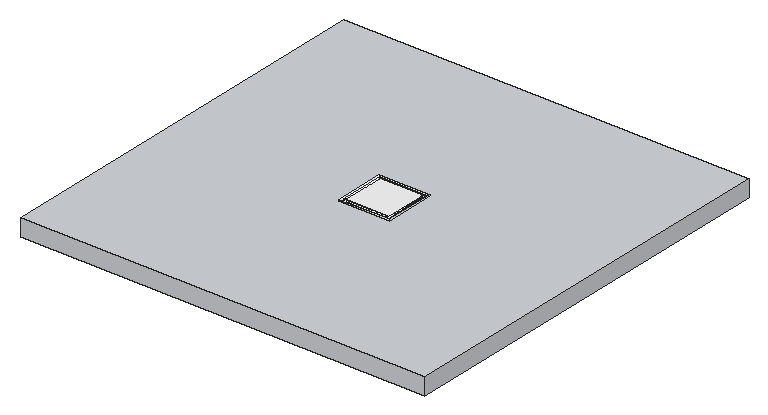
Revit family
Parameters (values of type "2"")
  WFU = 0
  URL = "WWW.MIFAB.COM"
  Pipe Radius = Pipe Diameter / 2  # 1.000"
  Pipe Diameter = 2.000"
  Model = "FS1742-FL"
  Manufacturer = "MIFAB"  # constant formula
  Grate Width = 12.000"
  Grate Length = 12.000"
  Floor Sink Material = Coated – Acid Resistant – Porcelain Enamel - White
  Flange Length = 14.400"
  Description = "12 x 12 x 10 DEEP FLOOR SINK WITH FLANGE"  # constant formula
  Default Elevation = 0.000"
  Body Height = 11.300"
Types (4): name | Pipe Radius | Pipe Diameter | Model
  (no name) | 1.000" | 2.000" | "FS1742-FL"
  3" | 1.500" | 3.000" | "FS1743-FL"
  2" | 1.000" | 2.000" | "FS1742-FL"
  4" | 2.000" | 4.000" | "FS1744-FL"
Reference planes
  plane 1 "Center (Front/Back)": y = 0
  plane 2: z = 0
  plane 3 "Center (Left/Right)": x = 0
  plane 4: z = -279.4
  plane 5: x = -113.898
  plane 6: x = -152.4
  plane 7: x = 152.4
  plane 8: z = 7.62
  plane 9: y = 152.4
  plane 10: y = -152.4
  plane 11: x = -79.369
  plane 12: x = 79.369
  plane 13: x = -135.89
  plane 14: x = 135.89
  plane 15: y = 135.89
  plane 16: y = -135.89
  plane 17: x = -25.4
  plane 18: x = 25.4
  plane 19: x = -182.88
  plane 20: x = 182.88
  plane 21: y = 182.88
  plane 22: y = -182.88
  plane 23: z = -43.18
  plane 24: z = -246.38
  plane 25: z = -254
  plane 26: z = -81.28
  plane 27: z = -176.53
  plane 28: z = -236.22
Forms (mm)
  Extrusion 1, solid
    sketch origin (0, 0, 0) x (1, 0, 0) y (0, 1, 0)
      loop
        line (-1219.2, 1219.2) -> (-1219.2, -1219.2) -> (1219.2, -1219.2) -> (1219.2, 1219.2) -> (-1219.2, 1219.2)
    from 0 to -101.6
  Extrusion 2, solid, material "Coated – Acid Resistant – Porcelain Enamel - White" <- "Floor Sink Material"
    sketch origin (0, 0, 0) x (1, 0, 0) y (0, 1, 0)
      loop
        line (-146.05, 146.05) -> (-146.05, -146.05) -> (146.05, -146.05) -> (146.05, 146.05) -> (-146.05, 146.05)
    from 0 to 7.62
  Sweep 3, solid, material "Coated – Acid Resistant – Porcelain Enamel - White" <- "Floor Sink Material"
    path origin (0, 0, 0) x (1, 0, 0) y (0, 1, 0)
      loop
        line (-152.4, 152.4) -> (-152.4, -152.4) -> (152.4, -152.4) -> (152.4, 152.4) -> (-152.4, 152.4)
    profile origin (-152.4, 0, 0) x (1, 0, 0) y (0, 0, 1)
      loop
        line (0, 7.62) -> (0, 0) -> (17.78, 0)
        arc (17.78, 0) -> (26.76, -3.72) -> (30.48, -12.7) r 12.7
        line (30.48, -12.7) -> (30.48, -241.3)
        arc (30.48, -241.3) -> (33.772, -249.831) -> (41.91, -254) r 12.823
        line (41.91, -254) -> (92.715, -254) -> (92.715, -246.38) -> (43.18, -246.38)
        arc (43.18, -246.38) -> (39.588, -244.892) -> (38.1, -241.3) r 5.08
        line (38.1, -241.3) -> (38.1, -12.7)
        arc (38.1, -12.7) -> (32.148, 1.668) -> (17.78, 7.62) r 20.32
        line (17.78, 7.62) -> (0, 7.62)
  Revolve 4, solid, material "Coated – Acid Resistant – Porcelain Enamel - White" <- "Floor Sink Material"
    sketch origin (0, 0, 0) x (1, 0, 0) y (0, 0, 1)
      loop
        line (-30.48, -257.048) -> (-30.48, -279.4) -> (-25.4, -279.4) -> (-25.4, -251.46)
        arc (-25.4, -251.46) -> (-26.888, -247.868) -> (-30.48, -246.38) r 5.08
        line (-30.48, -246.38) -> (-59.685, -246.38)
        arc (-59.685, -246.38) -> (-41.317, -205.821) -> (0, -189.23) r 59.741
        line (0, -189.23) -> (0, -182.88)
        arc (0, -182.88) -> (-45.808, -201.33) -> (-66.04, -246.38) r 66.091
        line (-66.04, -246.38) -> (-99.212, -246.38) -> (-99.212, -254) -> (-33.528, -254)
        arc (-33.528, -254) -> (-31.373, -254.893) -> (-30.48, -257.048) r 3.048
      axis (0, -182.88) -> (0, -279.4)
    angle from 0 to 360
  Extrusion 5, void
    sketch origin (25.4, 0, 0) x (1, 0, 0) y (0, 1, 0)
      loop
        arc (-78.216, 1.966) -> (-80.182, 0) -> (-78.216, -1.966) r 1.966
        line (-78.216, -1.966) -> (-42.1, -1.966)
        arc (-42.1, -1.966) -> (-40.134, 0) -> (-42.1, 1.966) r 1.966
        line (-42.1, 1.966) -> (-78.216, 1.966)
    from -236.22 to -176.53
  Extrusion 6, void
    sketch origin (20.549, -14.93, 0) x (0.809017, -0.587785, 0) y (0.587785, 0.809017, 0)
      loop
        arc (-78.216, 1.966) -> (-80.182, 0) -> (-78.216, -1.966) r 1.966
        line (-78.216, -1.966) -> (-42.1, -1.966)
        arc (-42.1, -1.966) -> (-40.134, 0) -> (-42.1, 1.966) r 1.966
        line (-42.1, 1.966) -> (-78.216, 1.966)
    from -236.22 to -176.53
  Extrusion 7, void
    sketch origin (20.549, 14.93, 0) x (0.809017, 0.587785, 0) y (-0.587785, 0.809017, 0)
      loop
        arc (-78.216, 1.966) -> (-80.182, 0) -> (-78.216, -1.966) r 1.966
        line (-78.216, -1.966) -> (-42.1, -1.966)
        arc (-42.1, -1.966) -> (-40.134, 0) -> (-42.1, 1.966) r 1.966
        line (-42.1, 1.966) -> (-78.216, 1.966)
    from -236.22 to -176.53
  Extrusion 8, void
    sketch origin (7.849, 24.157, 0) x (0.309017, 0.951057, 0) y (-0.951057, 0.309017, 0)
      loop
        arc (-78.216, 1.966) -> (-80.182, 0) -> (-78.216, -1.966) r 1.966
        line (-78.216, -1.966) -> (-42.1, -1.966)
        arc (-42.1, -1.966) -> (-40.134, 0) -> (-42.1, 1.966) r 1.966
        line (-42.1, 1.966) -> (-78.216, 1.966)
    from -236.22 to -176.53
  Extrusion 9, void
    sketch origin (-7.849, 24.157, 0) x (-0.309017, 0.951057, 0) y (-0.951057, -0.309017, 0)
      loop
        arc (-78.216, 1.966) -> (-80.182, 0) -> (-78.216, -1.966) r 1.966
        line (-78.216, -1.966) -> (-42.1, -1.966)
        arc (-42.1, -1.966) -> (-40.134, 0) -> (-42.1, 1.966) r 1.966
        line (-42.1, 1.966) -> (-78.216, 1.966)
    from -236.22 to -176.53
  Extrusion 10, void
    sketch origin (-20.549, 14.93, 0) x (-0.809017, 0.587785, 0) y (-0.587785, -0.809017, 0)
      loop
        arc (-78.216, 1.966) -> (-80.182, 0) -> (-78.216, -1.966) r 1.966
        line (-78.216, -1.966) -> (-42.1, -1.966)
        arc (-42.1, -1.966) -> (-40.134, 0) -> (-42.1, 1.966) r 1.966
        line (-42.1, 1.966) -> (-78.216, 1.966)
    from -236.22 to -176.53
  Extrusion 11, void
    sketch origin (-25.4, 0, 0) x (-1, 0, 0) y (0, -1, 0)
      loop
        arc (-78.216, 1.966) -> (-80.182, 0) -> (-78.216, -1.966) r 1.966
        line (-78.216, -1.966) -> (-42.1, -1.966)
        arc (-42.1, -1.966) -> (-40.134, 0) -> (-42.1, 1.966) r 1.966
        line (-42.1, 1.966) -> (-78.216, 1.966)
    from -236.22 to -176.53
  Extrusion 12, void
    sketch origin (-20.549, -14.93, 0) x (-0.809017, -0.587785, 0) y (0.587785, -0.809017, 0)
      loop
        arc (-78.216, 1.966) -> (-80.182, 0) -> (-78.216, -1.966) r 1.966
        line (-78.216, -1.966) -> (-42.1, -1.966)
        arc (-42.1, -1.966) -> (-40.134, 0) -> (-42.1, 1.966) r 1.966
        line (-42.1, 1.966) -> (-78.216, 1.966)
    from -236.22 to -176.53
  Extrusion 13, void
    sketch origin (-7.849, -24.157, 0) x (-0.309017, -0.951057, 0) y (0.951057, -0.309017, 0)
      loop
        arc (-78.216, 1.966) -> (-80.182, 0) -> (-78.216, -1.966) r 1.966
        line (-78.216, -1.966) -> (-42.1, -1.966)
        arc (-42.1, -1.966) -> (-40.134, 0) -> (-42.1, 1.966) r 1.966
        line (-42.1, 1.966) -> (-78.216, 1.966)
    from -236.22 to -176.53
  Extrusion 14, void
    sketch origin (7.849, -24.157, 0) x (0.309017, -0.951057, 0) y (0.951057, 0.309017, 0)
      loop
        arc (-78.216, 1.966) -> (-80.182, 0) -> (-78.216, -1.966) r 1.966
        line (-78.216, -1.966) -> (-42.1, -1.966)
        arc (-42.1, -1.966) -> (-40.134, 0) -> (-42.1, 1.966) r 1.966
        line (-42.1, 1.966) -> (-78.216, 1.966)
    from -236.22 to -176.53
  Extrusion 15, void
    sketch origin (0, 0, 0) x (1, 0, 0) y (0, 1, 0)
      loop
        circle (0, 0) r 7.616
    from -236.22 to -176.53
  Extrusion 16, solid, material "Coated – Acid Resistant – Porcelain Enamel - White" <- "Floor Sink Material"
    sketch origin (-128.27, -4572, -43.18) x (-1, 0, 0) y (0, -1, 0)
      loop
        arc (41.91, -4754.88) -> (50.89, -4751.16) -> (54.61, -4742.18) r 12.7
        line (54.61, -4742.18) -> (54.61, -4401.82)
        arc (54.61, -4401.82) -> (50.89, -4392.84) -> (41.91, -4389.12) r 12.7
        line (41.91, -4389.12) -> (-298.45, -4389.12)
        arc (-298.45, -4389.12) -> (-307.43, -4392.84) -> (-311.15, -4401.82) r 12.7
        line (-311.15, -4401.82) -> (-311.15, -4742.18)
        arc (-311.15, -4742.18) -> (-307.43, -4751.16) -> (-298.45, -4754.88) r 12.7
        line (-298.45, -4754.88) -> (41.91, -4754.88)
      loop
        line (-6.35, -4693.92) -> (-6.35, -4450.08) -> (-250.19, -4450.08) -> (-250.19, -4693.92) -> (-6.35, -4693.92)
    from 0 to -7.62
Cuts and joins
  Extrusion 6, Extrusion 7, Extrusion 8, Extrusion 9, Extrusion 10, Extrusion 11, Extrusion 12, Extrusion 13, Extrusion 14 cuts Sweep 3
  Extrusion 5, Extrusion 6, Extrusion 7, Extrusion 8, Extrusion 9, Extrusion 10, Extrusion 11, Extrusion 12, Extrusion 13, Extrusion 14, Extrusion 15 cuts Revolve 4
  joined: Sweep 3, Revolve 4, Extrusion 16
Lines and regions (mm)
  symbolic lines
    curve 1: line (-152.4, 152.4, 0) -> (152.4, 152.4, 0)
    curve 2: line (-152.4, -152.4, 0) -> (-152.4, 152.4, 0)
    curve 3: line (152.4, -152.4, 0) -> (-152.4, -152.4, 0)
    curve 4: line (152.4, 152.4, 0) -> (152.4, -152.4, 0)
    curve 5: circle (0, 0, 0) r 66.04 normal (0, 0, 1)
Dimensions and locks
  equal spacing: plane 9, plane 1 "Center (Front/Back)", plane 10
  equal spacing: plane 6, plane 3 "Center (Left/Right)", plane 7
  "Grate Length": plane 9 to plane 10
  "Grate Width": plane 6 to plane 7
  "Body Height": plane 8 to plane 4
  locked: plane 9 to plane 15 at 16.51
  locked: plane 10 to plane 16 at 16.51
  locked: plane 6 to plane 13 at 16.51
  locked: plane 14 to plane 7 at 16.51
  equal spacing: plane 18, plane 3 "Center (Left/Right)", plane 17
  "Pipe Diameter": plane 18 to plane 17
  locked: Revolve 4 sketch curve to plane 11 at 19.684
  locked: Revolve 4 sketch curve to plane 11 at 13.329
  locked: plane 17 to Revolve 4 sketch curve at 5.08
  equal spacing: plane 21, plane 1 "Center (Front/Back)", plane 22
  "Flange Length": plane 22 to plane 21
  equal spacing: plane 19, plane 3 "Center (Left/Right)", plane 20
  "Flange Length": plane 19 to plane 20
  locked: Extrusion 16 sketch curve to plane 20 at 12.7  (x2)
  locked: plane 21 to Extrusion 16 sketch curve at 12.7  (x2)
  locked: plane 22 to Extrusion 16 sketch curve at 12.7  (x2)
  locked: plane 19 to Extrusion 16 sketch curve at 12.7  (x2)
  locked: plane 8 to plane 23 at 50.8
  locked: plane 8 to plane 2 at 7.62
  locked: Revolve 4 sketch curve to plane 24 at 63.5
  locked: Revolve 4 sketch curve to plane 24 at 57.15
  locked: plane 24 to plane 25 at 7.62
  locked: plane 8 to plane 24 at 254
  locked: plane 8 to plane 26 at 88.9
  plane 27 to plane 28 to plane 24 = 2.350" locked, 0.400" locked
  aligned and locked: plane 2 to Extrusion 1
  aligned and locked: level to Extrusion 1
  aligned and locked: plane 8 to Extrusion 2
  aligned and locked: Sweep 3 sketch curve to plane 6  (x2)
  aligned and locked: Sweep 3 sketch curve to plane 9
  aligned and locked: plane 7 to Sweep 3 sketch curve
  aligned and locked: plane 10 to Sweep 3 sketch curve
  aligned and locked: Revolve 4 sketch curve to plane 4
  aligned and locked: Revolve 4 sketch curve to plane 3 "Center (Left/Right)"  (x2)
  aligned and locked: plane 17 to Revolve 4 sketch curve
  aligned and locked: plane 1 "Center (Front/Back)" to Extrusion 15 sketch curve
  aligned and locked: plane 3 "Center (Left/Right)" to Extrusion 15 sketch curve
  aligned and locked: Extrusion 16 sketch curve to plane 21
  aligned and locked: Extrusion 16 sketch curve to plane 19
  aligned and locked: plane 22 to Extrusion 16 sketch curve
  aligned and locked: plane 20 to Extrusion 16 sketch curve
  aligned and locked: plane 24 to Revolve 4 sketch curve  (x2)
  aligned and locked: Sweep 3 sketch curve to plane 8
  aligned and locked: Sweep 3 sketch curve to plane 24
  aligned and locked: Sweep 3 sketch curve to plane 25
  aligned and locked: plane 25 to Revolve 4 sketch curve
  aligned and locked: Extrusion 16 sketch curve to cut or joined group of Sweep 3, Revolve 4, Extrusion 5, Extrusion 6, Extrusion 7, Extrusion 8, Extrusion 9, Extrusion 10, Extrusion 11, Extrusion 12, Extrusion 13, Extrusion 14, Extrusion 15, Extrusion 16  (x4)
  aligned and locked: plane 27 to Extrusion 5
  aligned and locked: Extrusion 5 to Extrusion 7
  aligned and locked: Extrusion 15 to plane 28
Automatic sketch dimensions
  Extrusion 1 sketch curve to Extrusion 1 sketch curve = 96.000"  (x2)
  plane 6 to Extrusion 2 sketch curve = 0.250"
  plane 7 to Extrusion 2 sketch curve = 0.250"
  Extrusion 2 sketch curve to plane 10 = 0.250"
  Extrusion 2 sketch curve to plane 9 = 0.250"
  Revolve 4 sketch curve to Revolve 4 sketch curve = 0.120"
  Revolve 4 sketch curve to plane 4 = 17.050"
  plane 8 to Revolve 4 sketch curve = 102.46882"
  Extrusion 5 sketch curve to Extrusion 5 sketch curve = 1.42187"
  Extrusion 5 sketch curve to Extrusion 5 sketch curve = 0.0774"
  Extrusion 6 sketch curve to Extrusion 6 sketch curve = 1.42187"
  Extrusion 6 sketch curve to Extrusion 6 sketch curve = 0.0774"
  Extrusion 7 sketch curve to Extrusion 7 sketch curve = 1.42188"
  Extrusion 7 sketch curve to Extrusion 7 sketch curve = 0.0774"
  Extrusion 8 sketch curve to Extrusion 8 sketch curve = 1.42187"
  Extrusion 8 sketch curve to Extrusion 8 sketch curve = 0.0774"
  Extrusion 9 sketch curve to Extrusion 9 sketch curve = 1.42187"
  Extrusion 9 sketch curve to Extrusion 9 sketch curve = 0.0774"
  Extrusion 10 sketch curve to Extrusion 10 sketch curve = 1.42187"
  Extrusion 10 sketch curve to Extrusion 10 sketch curve = 0.0774"
  Extrusion 11 sketch curve to Extrusion 11 sketch curve = 1.42187"
  Extrusion 11 sketch curve to Extrusion 11 sketch curve = 0.0774"
  Extrusion 12 sketch curve to Extrusion 12 sketch curve = 1.42187"
  Extrusion 12 sketch curve to Extrusion 12 sketch curve = 0.0774"
  Extrusion 13 sketch curve to Extrusion 13 sketch curve = 1.42187"
  Extrusion 13 sketch curve to Extrusion 13 sketch curve = 0.0774"
  Extrusion 14 sketch curve to Extrusion 14 sketch curve = 1.42187"
  Extrusion 14 sketch curve to Extrusion 14 sketch curve = 0.0774"
  Sweep 3 sketch curve to Sweep 3 sketch curve = 0.000"  (x3)
  Sweep 3 sketch curve to Sweep 3 sketch curve = 0.700"
  Sweep 3 sketch curve to profile plane = 1.200"
  Sweep 3 sketch curve to Sweep 3 sketch curve = 0.300"
  Sweep 3 sketch curve to Sweep 3 sketch curve = 0.150"
  Sweep 3 sketch curve to Sweep 3 sketch curve = 0.200"
  Sweep 3 sketch curve to Sweep 3 sketch curve = 0.00486"
  Sweep 3 sketch curve to Sweep 3 sketch curve = 1.95021"
  plane 25 to Revolve 4 sketch curve = 0.120"
  Revolve 4 sketch curve to plane 11 = 0.78125"
  curve 3 to plane 6 = 0.000"
  plane 1 "Center (Front/Back)" to curve 5 = 0.000"
  curve 5 to plane 3 "Center (Left/Right)" = 0.000"
  curve 4 to plane 7 = 0.000"
  plane 10 to curve 4 = 0.000"
  curve 4 to plane 9 = 0.000"
  radius of Extrusion 15 sketch curve = 0.29982"
  radius of curve 5 = 2.600"
Connectors
  piping at (0, 0, -279.4), driven by "Pipe Radius", driven by "WFU"
    settings: on Revolve 4, index 1, connector radius 1", flow factor 0, pipe flow 0 GPM, pressure drop 0.00 psi, fitting loss kfactor 0, connector angle 0.00°, fixture units 0, flow configuration 3, flow direction 2, fitting loss method 0, system type 16, connector reference index -1, connector utility 0, adjustable connector no, is connector primary yes, fitting loss table "", connector description "Sanitary Out"
